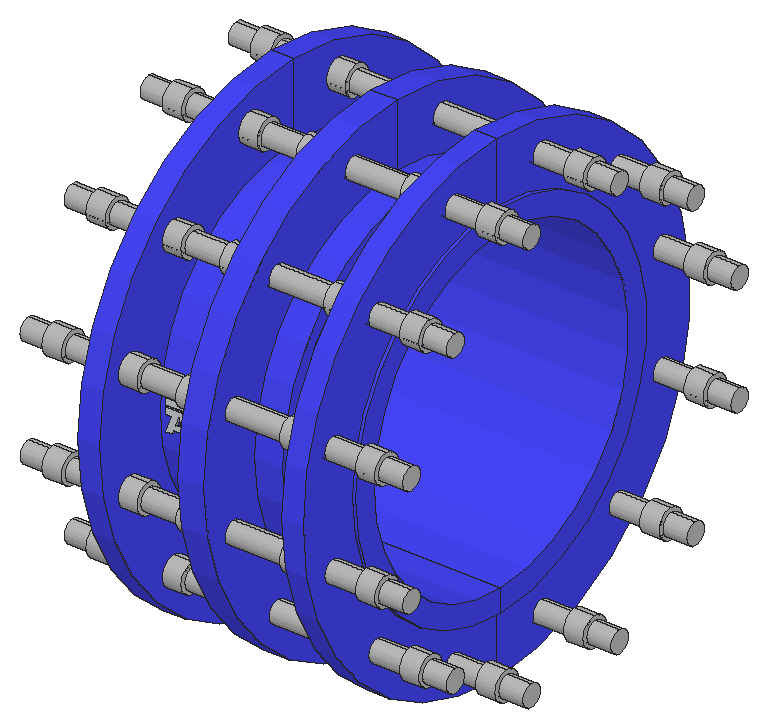
Revit family "265-91-001 DN250-300", category Pipe Accessories, Revit 2022
Family settings
  Round Connector Dimension = Use Diameter
  Part Type = Valve - Breaks Into
  Work Plane-Based = No
  Always vertical = Yes
  Cut with Voids When Loaded = No
  Shared = No
Parameters (values of type "DN300_PN10")
  raised_R = D * 0.75  # 170.625 mm
  offset = S11 - S  # 7 mm
  URL_product_pages = "https://www.avkvalves.com/P.aspx?no=265900401014036400"
  T1 = FL_T * 0.75  # 18.375 mm
  T = FL_T * 0.3  # 7.35 mm
  Search_table = "265-91-001 DN250-300"
  S11 = S * 1.35  # 27 mm
  S = size_lookup(Search_table, "S", 0 mm, DN)  # 20 mm
  Raised_dis = size_lookup(Search_table, "Raised_dis", 0 mm, DN)  # 4 mm
  PN = size_lookup(Search_table, "PN", 0 mm, DN)  # 10 mm
  PCD = size_lookup(Search_table, "PCD", 0 mm, DN) / 2  # 200 mm
  Nut_T = FL_T * 0.75  # 18.375 mm
  L3 = FL_T / 2  # 12.25 mm
  L2 = L * 0.065  # 23.4 mm
  L11 = size_lookup(Search_table, "L11", 0 mm, DN)  # 220 mm
  L1 = L11 * 0.68  # 149.6 mm
  FL_T/2 = FL_T / 2  # 12.25 mm
  L = size_lookup(Search_table, "L", 0 mm, DN)  # 360 mm
  FL_T = size_lookup(Search_table, "FL_T", 0 mm, DN)  # 24.5 mm
  Description_ = "AVK DISMANTLING JOINT WITH CENTRE FLANGE, PN10/16"
  Default Elevation = 0 mm
  DN300_PN16 = "265-9-0300-11-04036401"
  DN300_PN10 = "265-9-0300-10-14036400"
  DN250_PN16 = "265-9-0250-11-04036401"
  DN250_PN10 = "265-9-0250-10-14036400"
  DN = 300.1 mm
  D = size_lookup(Search_table, "D", 0 mm, DN) / 2  # 227.5 mm
  Bore = DN / 2  # 150.05 mm
  Bolt.no = size_lookup(Search_table, "Bolt.no", 0 mm, DN)  # 12 mm
  B1 = L * 0.08  # 28.8 mm
  25 = 25 mm  # constant formula
Types (5, lengths in mm): name | raised_R | offset | T1 | T | S11 | S | Raised_dis | PN | PCD | Nut_T | L3 | L2 | L11 | L1 | FL_T/2 | L | FL_T | DN | D | Bore | B1
  (no name) | 170.625 | 7 | 18.375 | 7.35 | 27 | 20 | 4 | 10 | 200 | 18.375 | 12.25 | 23.4 | 220 | 149.6 | 12.25 | 360 | 24.5 | 300.1 | 227.5 | 150.05 | 28.8
  DN250_PN16 | 150 | 8.4 | 16.5 | 6.6 | 32.4 | 24 | 3 | 16 | 177.5 | 16.5 | 11 | 24.7 | 230 | 156.4 | 11 | 380 | 22 | 250 | 200 | 125 | 30.4
  DN250_PN10 | 151.875 | 7 | 16.5 | 6.6 | 27 | 20 | 3 | 10 | 175 | 16.5 | 11 | 23.4 | 220 | 149.6 | 11 | 360 | 22 | 250.1 | 202.5 | 125.05 | 28.8
  DN300_PN10 | 170.625 | 7 | 18.375 | 7.35 | 27 | 20 | 4 | 10 | 200 | 18.375 | 12.25 | 23.4 | 220 | 149.6 | 12.25 | 360 | 24.5 | 300.1 | 227.5 | 150.05 | 28.8
  DN300_PN16 | 170.625 | 8.4 | 18.375 | 7.35 | 32.4 | 24 | 4 | 16 | 205 | 18.375 | 12.25 | 26.325 | 250 | 170 | 12.25 | 405 | 24.5 | 300 | 227.5 | 150 | 32.4
Reference planes
  plane 1 "Center (Front/Back)": y = 0
  plane 2: z = 0
  plane 3 "Center (Left/Right)": x = 0
  plane 4: z = 227.5
  plane 5: z = -227.5
  plane 6: x = -110
  plane 7: x = 110
  plane 8: x = -110
  plane 9: x = 110
  plane 10: z = 150.05
  plane 11: y = 200
  plane 12: y = -200
  plane 13: z = 200
  plane 14: z = -200
  plane 15: x = -180
  plane 16: x = 180
  plane 17: x = 85.5
  plane 18: x = -156.6
  plane 19: x = 156.6
  plane 20: x = -85.5
  plane 21: x = -12.25
  plane 22: x = -138.225
  plane 23: x = -67.125
  plane 24: x = -30.625
  plane 25: x = 67.125
  plane 26: x = 138.225
  plane 27: through (0, 0, 0) normal (0, 0.9659, -0.2588)
  plane 28: through (0, 0, 0) normal (0, 0.9659, 0.2588)
  plane 29: through (0, 0, 0) normal (0, 0.2588, 0.9659)
  plane 30: through (0, 0, 0) normal (0, -0.2588, 0.9659)
  plane 31: through (0, 0, 0) normal (0, 0.7071, 0.7071)
  plane 32: through (0, 0, 0) normal (0, 0.7071, -0.7071)
Forms (mm)
  Revolve 1, solid, material "Laminate, Blue, Matte"
    sketch origin (0, 0, 0) x (1, 0, 0) y (0, 0, 1)
      loop
        line (-110, 170.625) -> (-110, 150.05) -> (110, 150.05) -> (110, 170.625) -> (106, 170.625) -> (106, 227.5) -> (85.5, 227.5) -> (85.5, 157.4) -> (-85.5, 157.4) -> (-85.5, 227.5) -> (-106, 227.5) -> (-106, 170.625) -> (-110, 170.625)
      axis (-110, 0) -> (110, 0)
    angle from 0 to 360
  Revolve 2, solid, material "Laminate, Blue, Matte"
    sketch origin (0, 0, 0) x (1, 0, 0) y (0, 0, 1)
      loop
        line (-12.25, 227.5) -> (-12.25, 157.4) -> (39.6, 157.4) -> (39.6, 168.425) -> (12.25, 168.425) -> (12.25, 227.5) -> (-12.25, 227.5)
      axis (-12.25, 0) -> (39.6, 0)
    angle from 0 to 360
  Extrusion 3, solid, material "Default Wall"
    sketch origin (-19, -1524, 234.624) x (0, 0, 1) y (0, -1, 0)
      loop
        circle (-93.202, -1382.579) r 13.5
      loop
        circle (-41.439, -1472.236) r 13.5
      loop
        circle (-41.439, -1575.764) r 13.5
      loop
        circle (-93.202, -1665.421) r 13.5
      loop
        circle (-182.86, -1717.185) r 13.5
      loop
        circle (-286.388, -1717.185) r 13.5
      loop
        circle (-376.045, -1665.421) r 13.5
      loop
        circle (-427.809, -1575.764) r 13.5
      loop
        circle (-427.809, -1472.236) r 13.5
      loop
        circle (-376.045, -1382.579) r 13.5
      loop
        circle (-286.388, -1330.815) r 13.5
      loop
        circle (-182.86, -1330.815) r 13.5
    from -66.5 to -48.125
  Extrusion 4, solid, material "Default Wall"
    sketch origin (-19, -1524, 234.624) x (0, 0, 1) y (0, -1, 0)
      loop
        circle (-93.202, -1382.579) r 13.5
      loop
        circle (-41.439, -1472.236) r 13.5
      loop
        circle (-41.439, -1575.764) r 13.5
      loop
        circle (-93.202, -1665.421) r 13.5
      loop
        circle (-182.86, -1330.815) r 13.5
      loop
        circle (-286.388, -1330.815) r 13.5
      loop
        circle (-286.388, -1717.185) r 13.5
      loop
        circle (-182.86, -1717.185) r 13.5
      loop
        circle (-376.045, -1382.579) r 13.5
      loop
        circle (-427.809, -1472.236) r 13.5
      loop
        circle (-427.809, -1575.764) r 13.5
      loop
        circle (-376.045, -1665.421) r 13.5
    from -11.625 to 6.75
  Extrusion 5, solid, material "Default Wall"
    sketch origin (-19, -1524, 234.624) x (0, 0, 1) y (0, -1, 0)
      loop
        circle (-93.202, -1382.579) r 13.5
      loop
        circle (-41.439, -1472.236) r 13.5
      loop
        circle (-41.439, -1575.764) r 13.5
      loop
        circle (-93.202, -1665.421) r 13.5
      loop
        circle (-182.86, -1717.185) r 13.5
      loop
        circle (-286.388, -1717.185) r 13.5
      loop
        circle (-376.045, -1665.421) r 13.5
      loop
        circle (-427.809, -1575.764) r 13.5
      loop
        circle (-427.809, -1472.236) r 13.5
      loop
        circle (-376.045, -1382.579) r 13.5
      loop
        circle (-286.388, -1330.815) r 13.5
      loop
        circle (-182.86, -1330.815) r 13.5
    from 86.125 to 104.5
  Extrusion 6, solid, material "Default Wall"
    sketch origin (-19, -1524, 234.624) x (0, 0, 1) y (0, -1, 0)
      loop
        circle (-93.202, -1665.421) r 13.5
      loop
        circle (-41.439, -1575.764) r 13.5
      loop
        circle (-41.439, -1472.236) r 13.5
      loop
        circle (-93.202, -1382.579) r 13.5
      loop
        circle (-182.86, -1330.815) r 13.5
      loop
        circle (-182.86, -1717.185) r 13.5
      loop
        circle (-376.045, -1665.421) r 13.5
      loop
        circle (-427.809, -1575.764) r 13.5
      loop
        circle (-427.809, -1472.236) r 13.5
      loop
        circle (-376.045, -1382.579) r 13.5
      loop
        circle (-286.388, -1330.815) r 13.5
      loop
        circle (-286.388, -1717.185) r 13.5
    from 157.225 to 175.6
  Extrusion 7, solid, material "Default Wall"
    sketch origin (-19, -1524, 234.624) x (0, 0, 1) y (0, -1, 0)
      loop
        circle (-93.202, -1665.421) r 10
      loop
        circle (-41.439, -1575.764) r 10
      loop
        circle (-182.86, -1717.185) r 10
      loop
        circle (-93.202, -1382.579) r 10
      loop
        circle (-41.439, -1472.236) r 10
      loop
        circle (-182.86, -1330.815) r 10
      loop
        circle (-376.045, -1665.421) r 10
      loop
        circle (-427.809, -1575.764) r 10
      loop
        circle (-286.388, -1717.185) r 10
      loop
        circle (-376.045, -1382.579) r 10
      loop
        circle (-427.809, -1472.236) r 10
      loop
        circle (-286.388, -1330.815) r 10
    from -161 to 199
  Extrusion 8, solid, material "Default Wall"
    sketch origin (0, 0, 0) x (0, 1, 0) y (0, 0, 1)
      loop
        circle (-141.421, 141.421) r 13.5
      loop
        circle (-51.764, 193.185) r 13.5
      loop
        circle (51.764, 193.185) r 13.5
      loop
        circle (141.421, 141.421) r 13.5
      loop
        circle (193.185, 51.764) r 13.5
      loop
        circle (193.185, -51.764) r 13.5
      loop
        circle (141.421, -141.421) r 13.5
      loop
        circle (51.764, -193.185) r 13.5
      loop
        circle (-51.764, -193.185) r 13.5
      loop
        circle (-141.421, -141.421) r 13.5
      loop
        circle (-193.185, -51.764) r 13.5
      loop
        circle (-193.185, 51.764) r 13.5
    from -156.6 to -138.225
Dimensions and locks
  equal spacing: plane 4, level, plane 5
  "D": plane 4 to level
  equal spacing: plane 7, plane 3 "Center (Left/Right)", plane 6
  "L11": plane 7 to plane 6
  equal spacing: plane 9, plane 3 "Center (Left/Right)", plane 8
  "L11": plane 9 to plane 8
  "Bore": plane 10 to level
  equal spacing: Revolve 1 sketch curve, plane 3 "Center (Left/Right)", Revolve 1 sketch curve  (x3)
  "T": Revolve 1 sketch curve to plane 10
  "Raised_dis": Revolve 1 sketch curve to plane 6
  "FL_T": Revolve 1 sketch curve to plane 6
  "T1": Revolve 2 sketch curve to plane 10
  "T": Revolve 2 sketch curve to plane 10
  "L1": Revolve 2 sketch curve to plane 6
  equal spacing: Revolve 2 sketch curve, plane 3 "Center (Left/Right)", Revolve 2 sketch curve
  "FL_T/2": plane 3 "Center (Left/Right)" to Revolve 2 sketch curve
  equal spacing: plane 11, plane 1 "Center (Front/Back)", plane 12
  equal spacing: plane 13, level, plane 14
  "PCD": plane 13 to level
  "PCD": plane 11 to plane 1 "Center (Front/Back)"
  equal spacing: plane 16, plane 3 "Center (Left/Right)", plane 15
  "L": plane 16 to plane 15
  "FL_T": plane 9 to plane 17
  "L2": plane 18 to plane 15
  equal spacing: plane 19, plane 3 "Center (Left/Right)", plane 18
  "FL_T": plane 20 to plane 8
  "FL_T/2": plane 3 "Center (Left/Right)" to plane 21
  "raised_R": Revolve 1 sketch curve to level
  "Nut_T": plane 22 to plane 18
  "Nut_T": plane 23 to plane 20
  "Nut_T": plane 21 to plane 24
  "Nut_T": plane 17 to plane 25
  "Nut_T": plane 19 to plane 26
  equal spacing: Extrusion 7 sketch curve, plane 31, Extrusion 7 sketch curve
  equal spacing: Extrusion 7 sketch curve, plane 29, Extrusion 7 sketch curve
  equal spacing: Extrusion 7 sketch curve, plane 30, Extrusion 7 sketch curve
  equal spacing: Extrusion 7 sketch curve, plane 32, Extrusion 7 sketch curve
  equal spacing: Extrusion 7 sketch curve, plane 27, Extrusion 7 sketch curve
  equal spacing: Extrusion 7 sketch curve, plane 28, Extrusion 7 sketch curve
  "PCD": Extrusion 7 sketch curve to plane 32
  "PCD": plane 27 to Extrusion 7 sketch curve
  "PCD": plane 31 to Extrusion 7 sketch curve
  "PCD": Extrusion 7 sketch curve to plane 28
  "PCD": plane 29 to Extrusion 7 sketch curve
  "PCD": plane 30 to Extrusion 7 sketch curve
  equal spacing: Extrusion 6 sketch curve, plane 31, Extrusion 6 sketch curve
  equal spacing: Extrusion 6 sketch curve, plane 28, Extrusion 6 sketch curve
  "PCD": Extrusion 6 sketch curve to plane 31
  "PCD": plane 28 to Extrusion 6 sketch curve
  equal spacing: Extrusion 6 sketch curve, plane 27, Extrusion 6 sketch curve
  equal spacing: Extrusion 6 sketch curve, plane 32, Extrusion 6 sketch curve
  "PCD": plane 32 to Extrusion 6 sketch curve
  "PCD": Extrusion 6 sketch curve to plane 27
  "PCD": Extrusion 6 sketch curve to plane 30
  equal spacing: Extrusion 6 sketch curve, plane 30, Extrusion 6 sketch curve
  equal spacing: Extrusion 6 sketch curve, plane 29, Extrusion 6 sketch curve
  "PCD": Extrusion 6 sketch curve to plane 29
  plane 16 to plane 15 = 360 mm
  plane 4 to plane 5 = 455 mm  (x2)
  "S": diameter of Extrusion 7 sketch curve  (x12)
  "S11": diameter of Extrusion 6 sketch curve  (x12)
  diameter of Extrusion 7 = 20 mm
  aligned and locked: level to plane 2
  aligned and locked: Revolve 1 sketch curve to level
  aligned and locked: Revolve 1 sketch curve to Revolve 1 sketch curve  (x2)
  aligned and locked: plane 10 to Revolve 1 sketch curve
  aligned and locked: plane 6 to Revolve 1 sketch curve
  aligned and locked: Revolve 1 sketch curve to plane 4
  aligned and locked: Revolve 2 sketch curve to plane 4
  aligned and locked: Extrusion 3 to plane 20
  aligned and locked: plane 23 to Extrusion 3
  aligned and locked: Extrusion 4 to plane 24
  aligned and locked: Extrusion 4 to plane 21
  aligned and locked: Extrusion 5 to plane 25
  aligned and locked: plane 17 to Extrusion 5
  aligned and locked: Extrusion 6 to plane 19
  aligned and locked: Extrusion 6 to plane 26
  aligned and locked: Extrusion 7 to plane 15
  aligned and locked: plane 16 to Extrusion 7
  aligned and locked: Extrusion 5 sketch curve to Extrusion 6  (x24)
  aligned and locked: Extrusion 4 sketch curve to Extrusion 6  (x24)
  aligned and locked: Extrusion 3 sketch curve to Extrusion 6  (x23)
  aligned and locked: Extrusion 8 sketch curve to Extrusion 6  (x24)
  aligned and locked: Extrusion 8 to plane 18
  aligned and locked: plane 22 to Extrusion 8
Automatic sketch dimensions
  Revolve 1 sketch curve to plane 6 = 5.606 mm
  Revolve 1 sketch curve to plane 7 = 4.556 mm
  Revolve 2 sketch curve to level = 0 mm
  plane 18 to Revolve 2 sketch curve = 6.103 mm
  Revolve 2 sketch curve to plane 7 = 1.915 mm
  plane 28 to Extrusion 6 sketch curve = 0 mm  (x2)
  plane 27 to Extrusion 6 sketch curve = 0 mm  (x2)
  Extrusion 6 sketch curve to plane 32 = 0 mm  (x2)
  Extrusion 6 sketch curve to plane 31 = 0 mm  (x2)
  plane 30 to Extrusion 6 sketch curve = 0 mm  (x2)
  Extrusion 6 sketch curve to plane 29 = 0 mm  (x2)
  plane 27 to Extrusion 7 sketch curve = 0 mm  (x2)
  plane 28 to Extrusion 7 sketch curve = 0 mm  (x2)
  Extrusion 7 sketch curve to plane 32 = 0 mm  (x2)
  Extrusion 7 sketch curve to plane 31 = 0 mm  (x2)
  Extrusion 7 sketch curve to plane 29 = 0 mm  (x2)
  plane 30 to Extrusion 7 sketch curve = 0 mm  (x2)
Nested families
  nested 1: "logo medium-111" at (-47.147, -157.298, -5.654) x (1, 0, 0) z (0, -0.9994, -0.0359), type "logo medium-111"
Connectors
  piping at (-106, 0, 0), diameter 300.1, driven by "DN"
    settings: on Revolve 1, index 1, connector inside diameter 609.6 mm, connector length 0 mm, flow factor 0, pipe flow 0.0 L/s, pressure drop 0.0 Pa, fitting loss kfactor 0, connector angle 0.00°, fixture units 0, engagement length 0 mm, angle of deflection 0.00°, flow configuration 0, flow direction 0, fitting loss method 0, system type 7, joint type 0, gender type 0, connector reference index -1, connector utility 0, adjustable connector no, is connector primary yes, connector description ""
  piping at (110, 0, 0), diameter 300.1, driven by "DN"
    settings: on Revolve 1, index 2, connector inside diameter 609.6 mm, connector length 0 mm, flow factor 0, pipe flow 0.0 L/s, pressure drop 0.0 Pa, fitting loss kfactor 0, connector angle 0.00°, fixture units 0, engagement length 0 mm, angle of deflection 0.00°, flow configuration 0, flow direction 0, fitting loss method 0, system type 7, joint type 0, gender type 0, connector reference index -1, connector utility 0, adjustable connector no, is connector primary no, connector description ""
Definition of nested family "logo medium-111"
  Parameters
    Default Elevation = 1219.2 mm
  Reference planes
    plane 1 "Center (Front/Back)": y = 0
    plane 2: z = 0
    plane 3 "Center (Left/Right)": x = 0
  Forms (mm)
    Extrusion 1, solid
      sketch origin (0, 0, 0) x (1, 0, 0) y (0, 1, 0)
        loop
          line (-1219.2, 1219.2) -> (-1219.2, -1219.2) -> (1219.2, -1219.2) -> (1219.2, 1219.2) -> (-1219.2, 1219.2)
      from 0 to -188.781
    Extrusion 2, solid
      sketch origin (0, 0, 0) x (1, 0, 0) y (0, 1, 0)
        loop
          line (-30.911, 14.607) -> (-12.952, 14.607) -> (-3.438, -8.594) -> (3.26, -8.594) -> (12.676, 14.607) -> (30.732, 14.607) -> (30.732, 20.529) -> (7.968, 20.529) -> (0, 0) -> (-8.195, 20.529) -> (-30.911, 20.529) -> (-30.911, 14.607)
        loop
          line (30.732, 6.453) -> (30.732, 12.569) -> (24.908, 12.569)
          arc (24.908, 12.569) -> (22.993, 7.075) -> (17.724, 4.608) r 7.492
          line (17.724, 4.608) -> (20.928, 12.569) -> (14.521, 12.569) -> (5.881, -8.594) -> (12.434, -8.594) -> (15.777, -0.405) -> (21.354, -8.594) -> (29.424, -8.594) -> (22.319, 0.649)
          arc (22.319, 0.649) -> (26.344, 2.972) -> (29.424, 6.453) r 14.456
          line (29.424, 6.453) -> (30.732, 6.453)
        loop
          line (-5.865, -8.594) -> (-14.796, 12.569) -> (-30.911, 12.569) -> (-30.911, 6.453) -> (-25.086, 6.453) -> (-30.911, -8.594) -> (-25.086, -8.594) -> (-23.728, -5.084) -> (-13.656, -5.084) -> (-12.175, -8.594) -> (-5.865, -8.594)
        loop
          line (-18.776, 7.618) -> (-21.494, 0) -> (-15.961, 0) -> (-18.776, 7.618)
      from 0 to 2
  Dimensions and locks
    aligned and locked: plane 2 to Extrusion 1
    aligned and locked: level to Extrusion 1
    aligned and locked: Extrusion 2 sketch curve to import instance  (x36)
